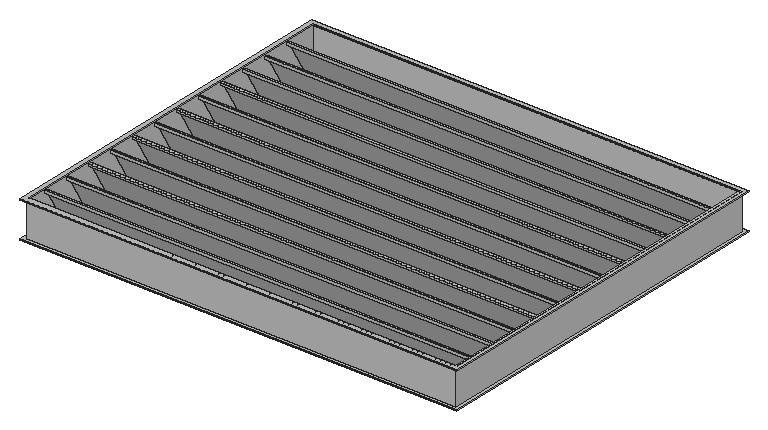
Revit family "Louver-Channel_Frame-Carnes-Rectangular-Drainable_Blade_FPCB", category Air Terminals, host Face, Revit 2012
Parameters (values of type "(See Type Catalog)")
  ecoScorecard_data = ""
  ecoScorecard Product Page = "http://ecoscorecard.com/"
  URL = "http://www.carnes.com/index.html"
  Subcategory = "Louvers and Dampers"
  Specifications  URL = "http://www.carnes.com/Louvers/pdf/17126.pdf"
  Product Page URL = "http://www.carnes.com/Louvers/FPCB-FTCB.htm"
  Product Line = "Extruded Aluminum Drainable Blade Louvers"
  Pressure Drop = 0.00 Pa
  Point of Water Penetration = 1250 FPM
  Outside Width = Louver Width Control + 3/4" * 2  # 73 1/2"
  Outside Height = Louver Height Control + 3/4" * 2  # 61 1/2"
  Model = "FPCB"
  Minimum Size = "12\"W x 12\"H"
  Meets Building Code Standards = "Licensed to bear the AMCA seal"
  Maximum Vertical Size = "84\"W x 120\"H"
  Maximum Size Note = "Drainable blade louvers should be limited to 10’ maximum section widths (no more than 10’ between vertical downspouts) to enable the drainable design to function"
  Maximum Horinzontal Size = "120\"W x 84\"H"
  Manufacturer = "Carnes Company"
  Louver Width Control = if(Louver Width < 12", 12", if(Louver Width > 120", 120", Louver Width))  # 72"
  Louver Height Control = if(Louver Height < 12", 12", if(Louver Height > 120", 120", Louver Height))  # 60"
  Free Area Note = "See Spec Sheet URL"
  Free Area = 0.00 SF
  Description = "Extruded Aluminum Drainable Blade Louvers"
  Connector Description 1 = "Duct Connetor"
  Blades Quantity [instance] = (Louver Height Control - (Blade Offset from Frame - 3/4")) / 4 5/8"  # 12
  Manufacturer Phone = "608-845-6411"
  Manufacturer Fax = "608-845-6470"
  Manufacturer Email = "mailto:carnes@carnes.com"
  Manufacturer Address = "448 S. Main St., P. O. Box 930040, Verona, WI 53593-0040"
  Louver Width = 72"
  Louver Length = 6.2"
  Louver Height = 60"
  Blades Length [instance] = Louver Length - 1/2"  # 5.7"
  Frame Material = Aluminum - Carnes - Extruded
  Default Elevation = 48"
  Cost Info = "mailto:carnes@carnes.com"
  Catalog URL = "http://www.carnes.com/Louvers/pdf/f26-27.pdf"
  Symbol Blades Quantity = Louver Width / 3"  # 24
  Blade Offset from Frame [instance] = 4 1/2"
  Blade Material = Aluminum - Carnes - Extruded
  Assembly Code = "D3090700"
  Airflow = 0 CFM
  95 CSI = "10200"
  04 CSI = "08 91 00"
Reference planes (in)
  plane 1 "Center (Elevation)": y = 0
  plane 2: z = 0
  plane 3 "Center (Left/Right)": x = 0
  plane 4 "Rear": z = -6.2
  plane 5: z = -0.125
  plane 6: z = -6.075
  plane 7: z = -3.1
  plane 8: x = -36
  plane 9: x = 36
  plane 10: x = -36.75
  plane 11: x = 36.75
  plane 12: y = 30
  plane 13: y = -30
  plane 14: y = 30.75
  plane 15: y = -30.75
  plane 16 "Blade CL": y = 26.25
Forms (in)
  Extrusion 1, solid, material "Aluminum - Carnes - Extruded" <- "Frame Material"
    sketch origin (0, 0, 0) x (1, 0, 0) y (0, 1, 0)
      loop
        line (-36.75, 30.75) -> (-36.75, -30.75) -> (36.75, -30.75) -> (36.75, 30.75) -> (-36.75, 30.75)
      loop
        line (-36, 30) -> (-36, -30) -> (36, -30) -> (36, 30) -> (-36, 30)
    from -0.125 to 0
  Extrusion 2, solid, material "Aluminum - Carnes - Extruded" <- "Frame Material"
    sketch origin (0, 0, 0) x (1, 0, 0) y (0, 1, 0)
      loop
        line (-36.75, 30.75) -> (-36.75, -30.75) -> (36.75, -30.75) -> (36.75, 30.75) -> (-36.75, 30.75)
      loop
        line (-36, 30) -> (-36, -30) -> (36, -30) -> (36, 30) -> (-36, 30)
    from -6.2 to -6.075
  Extrusion 3, solid, material "Aluminum - Carnes - Extruded" <- "Frame Material"
    sketch origin (0, 0, 0) x (1, 0, 0) y (0, 1, 0)
      loop
        line (-36, 30) -> (-36, -30) -> (36, -30) -> (36, 30) -> (-36, 30)
      loop
        line (-36.125, 30.125) -> (-36.125, -30.125) -> (36.125, -30.125) -> (36.125, 30.125) -> (-36.125, 30.125)
    from -6.075 to -0.125
Lines and regions (in)
  Masking region 1, detail levels coarse
    outline origin (0, 0, 0) x (1, 0, 0) y (0, 0, 1)
      loop
        line (36.75, 0) -> (-36.75, 0) -> (-36.75, -6.2) -> (36.75, -6.2) -> (36.75, 0)
  Masking region 2, detail levels medium+fine
    outline origin (0, 0, 0) x (1, 0, 0) y (0, 0, 1)
      loop
        line (36.75, 0) -> (-36.75, 0) -> (-36.75, -0.125) -> (-36.125, -0.125) -> (-36.125, -6.075) -> (-36.75, -6.075) -> (-36.75, -6.2) -> (36.75, -6.2) -> (36.75, -6.075) -> (36.125, -6.075) -> (36.125, -0.125) -> (36.75, -0.125) -> (36.75, 0)
  symbolic lines, detail levels fine
    curve 1: line (36.125, 0, -0.125) -> (-36.125, 0, -0.125)
    curve 2: line (36.125, 0, -6.075) -> (-36.125, 0, -6.075)
  symbolic lines, not visible
    curve 3: line (17.18252, 0, -14.33256) -> (17.62002, 0, -14.33256)
    curve 4: line (17.62002, 0, -14.33256) -> (20.84601, 0, -19.77006)
    curve 5: line (20.84601, 0, -19.77006) -> (21.28351, 0, -19.77006)
  symbolic lines
    curve 6: line (36, 0, -0.1875) -> (35.52861, 0, -0.1875)
    curve 7: line (32.3704, 0, -6.0125) -> (33.94951, 0, -3.1)
    curve 8: line (33.94951, 0, -3.1) -> (35.52861, 0, -0.1875)
    curve 9: line (33, 0, -0.1875) -> (32.52861, 0, -0.1875)
    curve 10: line (29.3704, 0, -6.0125) -> (30.94951, 0, -3.1)
    curve 11: line (30.94951, 0, -3.1) -> (32.52861, 0, -0.1875)
    curve 12: line (30, 0, -0.1875) -> (29.52861, 0, -0.1875)
    curve 13: line (26.3704, 0, -6.0125) -> (27.94951, 0, -3.1)
    curve 14: line (27.94951, 0, -3.1) -> (29.52861, 0, -0.1875)
    curve 15: line (27, 0, -0.1875) -> (26.52861, 0, -0.1875)
    curve 16: line (23.3704, 0, -6.0125) -> (24.94951, 0, -3.1)
    curve 17: line (24.94951, 0, -3.1) -> (26.52861, 0, -0.1875)
    curve 18: line (24, 0, -0.1875) -> (23.52861, 0, -0.1875)
    curve 19: line (20.3704, 0, -6.0125) -> (21.94951, 0, -3.1)
    curve 20: line (21.94951, 0, -3.1) -> (23.52861, 0, -0.1875)
    curve 21: line (21, 0, -0.1875) -> (20.52861, 0, -0.1875)
    curve 22: line (17.3704, 0, -6.0125) -> (18.94951, 0, -3.1)
    curve 23: line (18.94951, 0, -3.1) -> (20.52861, 0, -0.1875)
    curve 24: line (18, 0, -0.1875) -> (17.52861, 0, -0.1875)
    curve 25: line (14.3704, 0, -6.0125) -> (15.94951, 0, -3.1)
    curve 26: line (15.94951, 0, -3.1) -> (17.52861, 0, -0.1875)
    curve 27: line (15, 0, -0.1875) -> (14.52861, 0, -0.1875)
    curve 28: line (11.3704, 0, -6.0125) -> (12.94951, 0, -3.1)
    curve 29: line (12.94951, 0, -3.1) -> (14.52861, 0, -0.1875)
    curve 30: line (12, 0, -0.1875) -> (11.52861, 0, -0.1875)
    curve 31: line (8.3704, 0, -6.0125) -> (9.94951, 0, -3.1)
    curve 32: line (9.94951, 0, -3.1) -> (11.52861, 0, -0.1875)
    curve 33: line (9, 0, -0.1875) -> (8.52861, 0, -0.1875)
    curve 34: line (5.3704, 0, -6.0125) -> (6.94951, 0, -3.1)
    curve 35: line (6.94951, 0, -3.1) -> (8.52861, 0, -0.1875)
    curve 36: line (6, 0, -0.1875) -> (5.52861, 0, -0.1875)
    curve 37: line (2.3704, 0, -6.0125) -> (3.94951, 0, -3.1)
    curve 38: line (3.94951, 0, -3.1) -> (5.52861, 0, -0.1875)
    curve 39: line (3, 0, -0.1875) -> (2.52861, 0, -0.1875)
    curve 40: line (-0.6296, 0, -6.0125) -> (0.94951, 0, -3.1)
    curve 41: line (0.94951, 0, -3.1) -> (2.52861, 0, -0.1875)
    curve 42: line (0, 0, -0.1875) -> (-0.47139, 0, -0.1875)
    curve 43: line (-3.6296, 0, -6.0125) -> (-2.05049, 0, -3.1)
    curve 44: line (-2.05049, 0, -3.1) -> (-0.47139, 0, -0.1875)
    curve 45: line (-3, 0, -0.1875) -> (-3.47139, 0, -0.1875)
    curve 46: line (-6.6296, 0, -6.0125) -> (-5.05049, 0, -3.1)
    curve 47: line (-5.05049, 0, -3.1) -> (-3.47139, 0, -0.1875)
    curve 48: line (-6, 0, -0.1875) -> (-6.47139, 0, -0.1875)
    curve 49: line (-9.6296, 0, -6.0125) -> (-8.05049, 0, -3.1)
    curve 50: line (-8.05049, 0, -3.1) -> (-6.47139, 0, -0.1875)
    curve 51: line (-9, 0, -0.1875) -> (-9.47139, 0, -0.1875)
    curve 52: line (-12.6296, 0, -6.0125) -> (-11.05049, 0, -3.1)
    curve 53: line (-11.05049, 0, -3.1) -> (-9.47139, 0, -0.1875)
    curve 54: line (-12, 0, -0.1875) -> (-12.47139, 0, -0.1875)
    curve 55: line (-15.6296, 0, -6.0125) -> (-14.05049, 0, -3.1)
    curve 56: line (-14.05049, 0, -3.1) -> (-12.47139, 0, -0.1875)
    curve 57: line (-15, 0, -0.1875) -> (-15.47139, 0, -0.1875)
    curve 58: line (-18.6296, 0, -6.0125) -> (-17.05049, 0, -3.1)
    curve 59: line (-17.05049, 0, -3.1) -> (-15.47139, 0, -0.1875)
    curve 60: line (-18, 0, -0.1875) -> (-18.47139, 0, -0.1875)
    curve 61: line (-21.6296, 0, -6.0125) -> (-20.05049, 0, -3.1)
    curve 62: line (-20.05049, 0, -3.1) -> (-18.47139, 0, -0.1875)
    curve 63: line (-21, 0, -0.1875) -> (-21.47139, 0, -0.1875)
    curve 64: line (-24.6296, 0, -6.0125) -> (-23.05049, 0, -3.1)
    curve 65: line (-23.05049, 0, -3.1) -> (-21.47139, 0, -0.1875)
    curve 66: line (-24, 0, -0.1875) -> (-24.47139, 0, -0.1875)
    curve 67: line (-27.6296, 0, -6.0125) -> (-26.05049, 0, -3.1)
    curve 68: line (-26.05049, 0, -3.1) -> (-24.47139, 0, -0.1875)
    curve 69: line (-27, 0, -0.1875) -> (-27.47139, 0, -0.1875)
    curve 70: line (-30.6296, 0, -6.0125) -> (-29.05049, 0, -3.1)
    curve 71: line (-29.05049, 0, -3.1) -> (-27.47139, 0, -0.1875)
    curve 72: line (-30, 0, -0.1875) -> (-30.47139, 0, -0.1875)
    curve 73: line (-33.6296, 0, -6.0125) -> (-32.05049, 0, -3.1)
    curve 74: line (-32.05049, 0, -3.1) -> (-30.47139, 0, -0.1875)
    curve 75: line (-33, 0, -0.1875) -> (-33.47139, 0, -0.1875)
    curve 76: line (-36.6296, 0, -6.0125) -> (-35.05049, 0, -3.1)
    curve 77: line (-35.05049, 0, -3.1) -> (-33.47139, 0, -0.1875)
    curve 78: line (32.3704, 0, -6.0125) -> (31.8704, 0, -6.0125)
    curve 79: line (29.3704, 0, -6.0125) -> (28.8704, 0, -6.0125)
    curve 80: line (26.3704, 0, -6.0125) -> (25.8704, 0, -6.0125)
    curve 81: line (23.3704, 0, -6.0125) -> (22.8704, 0, -6.0125)
    curve 82: line (20.3704, 0, -6.0125) -> (19.8704, 0, -6.0125)
    curve 83: line (17.3704, 0, -6.0125) -> (16.8704, 0, -6.0125)
    curve 84: line (14.3704, 0, -6.0125) -> (13.8704, 0, -6.0125)
    curve 85: line (11.3704, 0, -6.0125) -> (10.8704, 0, -6.0125)
    curve 86: line (8.3704, 0, -6.0125) -> (7.8704, 0, -6.0125)
    curve 87: line (5.3704, 0, -6.0125) -> (4.8704, 0, -6.0125)
    curve 88: line (2.3704, 0, -6.0125) -> (1.8704, 0, -6.0125)
    curve 89: line (-0.6296, 0, -6.0125) -> (-1.1296, 0, -6.0125)
    curve 90: line (-3.6296, 0, -6.0125) -> (-4.1296, 0, -6.0125)
    curve 91: line (-6.6296, 0, -6.0125) -> (-7.1296, 0, -6.0125)
    curve 92: line (-9.6296, 0, -6.0125) -> (-10.1296, 0, -6.0125)
    curve 93: line (-12.6296, 0, -6.0125) -> (-13.1296, 0, -6.0125)
    curve 94: line (-15.6296, 0, -6.0125) -> (-16.1296, 0, -6.0125)
    curve 95: line (-18.6296, 0, -6.0125) -> (-19.1296, 0, -6.0125)
    curve 96: line (-21.6296, 0, -6.0125) -> (-22.1296, 0, -6.0125)
    curve 97: line (-24.6296, 0, -6.0125) -> (-25.1296, 0, -6.0125)
    curve 98: line (-27.6296, 0, -6.0125) -> (-28.1296, 0, -6.0125)
    curve 99: line (-30.6296, 0, -6.0125) -> (-31.1296, 0, -6.0125)
    curve 100: line (-33.6296, 0, -6.0125) -> (-34.1296, 0, -6.0125)
    curve 101: line (-36.6296, 0, -6.0125) -> (-37.1296, 0, -6.0125)
Dimensions and locks (in)
  equal spacing: plane 15, plane 1 "Center (Elevation)", plane 14
  locked: plane 2 to plane 5 at 0.125
  locked: plane 6 to plane 4 "Rear" at 0.125
  "Louver Length": plane 2 to plane 4 "Rear"
  equal spacing: plane 5, plane 7, plane 6
  "Blade Offset from Frame": plane 14 to plane 16 "Blade CL"
  equal spacing: group 1, group 2, group 3, group 4, group 5, group 6, group 7, group 8, group 9, group 10, group 11, group 12  (x2)
  equal spacing: group 12, group 11, group 10, group 9, group 8, group 7, group 6, group 5, group 4, group 3, group 2, group 1
  locked: nested 1 to nested 2 at 4.64
  "Outside Height": plane 14 to plane 15
  equal spacing: plane 8, plane 3 "Center (Left/Right)", plane 9
  "Louver Width": plane 8 to plane 9
  equal spacing: plane 10, plane 3 "Center (Left/Right)", plane 11
  "Outside Width": plane 10 to plane 11
  equal spacing: plane 13, plane 1 "Center (Elevation)", plane 12
  "Louver Height": plane 13 to plane 12
  locked: curve 6 to plane 5 at 0.0625
  equal spacing: group 37, group 36, group 35, group 34, group 33, group 32, group 31, group 30, group 29, group 28, group 27, group 26, group 25, group 24, group 23, group 22, group 21, group 20, group 19, group 18, group 17, group 16, group 15, group 14
  equal spacing: group 14, group 15, group 16, group 17, group 18, group 19, group 20, group 21, group 22, group 23, group 24, group 25, group 26, group 27, group 28, group 29, group 30, group 31, group 32, group 33, group 34, group 35, group 36, group 37  (x2)
  locked: curve 54 to plane 5 at 0.0625
  locked: curve 8 to curve 11 at 3
  locked: plane 6 to curve 78 at 0.0625
  locked: curve 78 to plane 9 at 4.1296
  aligned and locked: plane 2 to host face
  aligned and locked: host face to level
  aligned and locked: plane 10 to Extrusion 1 sketch curve
  aligned and locked: Extrusion 1 sketch curve to plane 14
  aligned and locked: plane 15 to Extrusion 1 sketch curve
  aligned and locked: plane 11 to Extrusion 1 sketch curve
  aligned and locked: plane 8 to Extrusion 1 sketch curve
  aligned and locked: Extrusion 1 sketch curve to plane 12
  aligned and locked: plane 13 to Extrusion 1 sketch curve
  aligned and locked: plane 9 to Extrusion 1 sketch curve
  aligned and locked: Extrusion 1 to plane 5
  aligned and locked: plane 2 to Extrusion 1
  aligned and locked: Extrusion 2 sketch curve to Extrusion 1  (x6)
  aligned and locked: Extrusion 1 to Extrusion 2 sketch curve  (x2)
  aligned and locked: plane 6 to Extrusion 2
  aligned and locked: Extrusion 2 to plane 4 "Rear"
  aligned and locked: plane 8 to Extrusion 3 sketch curve
  aligned and locked: Extrusion 3 sketch curve to Extrusion 1  (x3)
  aligned and locked: plane 5 to Extrusion 3
  aligned and locked: Extrusion 3 to plane 6
  aligned and locked: plane 7 to nested 1
  aligned and locked: nested 1 to plane 16 "Blade CL"
  aligned and locked: plane 11 to Masking region 1 sketch curve
  aligned and locked: Masking region 1 sketch curve to plane 2
  aligned and locked: plane 4 "Rear" to Masking region 1 sketch curve
  aligned and locked: plane 10 to Masking region 1 sketch curve
  aligned and locked: Masking region 2 sketch curve to level
  aligned and locked: Masking region 2 sketch curve to plane 11  (x2)
  aligned and locked: plane 5 to Masking region 2 sketch curve  (x2)
  aligned and locked: Masking region 2 sketch curve to Extrusion 3  (x2)
  aligned and locked: plane 6 to Masking region 2 sketch curve  (x2)
  aligned and locked: plane 4 "Rear" to Masking region 2 sketch curve
  aligned and locked: Masking region 2 sketch curve to plane 10  (x2)
  aligned and locked: Extrusion 3 to curve 1  (x2)
  aligned and locked: curve 1 to plane 5
  aligned and locked: Extrusion 3 to curve 2  (x2)
  aligned and locked: curve 2 to plane 6
Automatic sketch dimensions
  Extrusion 3 sketch curve to plane 8 = 1/8"
  Extrusion 3 sketch curve to plane 9 = 1/8"
  plane 13 to Extrusion 3 sketch curve = 1/8"
  plane 12 to Extrusion 3 sketch curve = 1/8"
  host sketch curve to host sketch curve = 122.28147"
  host sketch curve to host sketch curve = 173.35151"
  curve 7 to curve 8 = 3.31304"  (x4)
  curve 6 to curve 6 = 0.47139"
  curve 78 to curve 78 = 1/2"
  curve 79 to curve 79 = 1/2"
  curve 80 to curve 80 = 1/2"
  curve 81 to curve 81 = 1/2"
  curve 82 to curve 82 = 1/2"
  curve 83 to curve 83 = 1/2"
  curve 84 to curve 84 = 1/2"
  curve 85 to curve 85 = 1/2"
  curve 86 to curve 86 = 1/2"
  curve 87 to curve 87 = 1/2"
  curve 88 to curve 88 = 1/2"
  curve 89 to curve 89 = 1/2"
  curve 90 to curve 90 = 1/2"
  curve 91 to curve 91 = 1/2"
  curve 92 to curve 92 = 1/2"
  curve 93 to curve 93 = 1/2"
  curve 94 to curve 94 = 1/2"
  curve 95 to curve 95 = 1/2"
  curve 96 to curve 96 = 1/2"
  curve 97 to curve 97 = 1/2"
  curve 98 to curve 98 = 1/2"
  curve 99 to curve 99 = 1/2"
  curve 100 to curve 100 = 1/2"
  curve 101 to curve 101 = 1/2"
Nested families (in)
  nested 1: "Louver_Blade-Carnes" at (0, 26.25, -3.1), type "Standard"
    with Width 72", Length 5.7"
  nested 2: "Louver_Blade-Carnes" at (0, 21.61, -3.09583), type "Standard"
    with Width 72", Length 5.7"
  nested 3: "Louver_Blade-Carnes" at (0, 16.97, -3.09167), type "Standard"
    with Width 72", Length 5.7"
  nested 4: "Louver_Blade-Carnes" at (0, 12.33, -3.0875), type "Standard"
    with Width 72", Length 5.7"
  nested 5: "Louver_Blade-Carnes" at (0, 7.69, -3.08333), type "Standard"
    with Width 72", Length 5.7"
  nested 6: "Louver_Blade-Carnes" at (0, 3.05, -3.07917), type "Standard"
    with Width 72", Length 5.7"
  nested 7: "Louver_Blade-Carnes" at (0, -1.59, -3.075), type "Standard"
    with Width 72", Length 5.7"
  nested 8: "Louver_Blade-Carnes" at (0, -6.23, -3.07083), type "Standard"
    with Width 72", Length 5.7"
  nested 9: "Louver_Blade-Carnes" at (0, -10.87, -3.06667), type "Standard"
    with Width 72", Length 5.7"
  nested 10: "Louver_Blade-Carnes" at (0, -15.51, -3.0625), type "Standard"
    with Width 72", Length 5.7"
  nested 11: "Louver_Blade-Carnes" at (0, -20.15, -3.05833), type "Standard"
    with Width 72", Length 5.7"
  nested 12: "Louver_Blade-Carnes" at (0, -24.79, -3.05417), type "Standard"
    with Width 72", Length 5.7"
Connectors (in)
  hvac at (0, 0, -6.2), driven by "Louver Height Control", driven by "Louver Width Control", driven by "Connector Description 1", driven by "Airflow", driven by "Pressure Drop"
    settings: on Extrusion 2, index 1, duct flow 0 CFM, flow factor 0, pres drop 0.00 Pa, loss coef 0, conn angle 0.00°, conn width 72", conn height 60", conn radius 12", duct sys type 29, conn prof type 1, flow config 0, flow direction 0, loss method 4, conn ref index -1, conn util no, is conn primary yes, conn desc "Duct Connetor"
Definition of nested family "Louver_Blade-Carnes"
  Parameters (values of type "Standard")
    Width = 12"
    Blade Material = none
    Length = 5 1/2"
    Assembly Code = ""
  Reference planes (in)
    plane 1 "Center (Front/Back)": y = 0
    plane 2: z = 0
    plane 3 "Center (Left/Right)": x = 0
    plane 4: y = 2
    plane 5: y = -2
    plane 6: z = 2.75
    plane 7: z = -2.75
    plane 8: x = -6
    plane 9: x = 6
  Forms (in)
    Sweep 1, solid, material <- "Blade Material"
      path origin (0, 0, 0) x (1, 0, 0) y (0, 1, 0)
        loop
          line (-6, 0) -> (6, 0)
      profile origin (0, 0, 0) x (0, 1, 0) y (0, 0, 1)
        loop
          line (-2, 2.75) -> (-2, 2.34375) -> (-1.9375, 2.34375) -> (-1.9375, 2.6875) -> (-1.60161, 2.6875) -> (-0.00915, 0.00388) -> (1.625, -2.75) -> (2, -2.75) -> (2, -2.34375) -> (1.9375, -2.34375) -> (1.9375, -2.6875) -> (1.66411, -2.6875) -> (0.10505, -0.06016) -> (-1.5625, 2.75) -> (-2, 2.75)
  Dimensions and locks (in)
    equal spacing: plane 4, plane 1 "Center (Front/Back)", plane 5
    locked: plane 4 to plane 5 at 4
    equal spacing: plane 7, plane 2, plane 6
    "Length": plane 7 to plane 6
    equal spacing: plane 8, plane 3 "Center (Left/Right)", plane 9
    "Width": plane 8 to plane 9
    locked: Sweep 1 sketch curve to Sweep 1 sketch curve at 0.0625  (x4)
    locked: Sweep 1 sketch curve to Sweep 1 sketch curve at 0.375
    locked: Sweep 1 sketch curve to Sweep 1 sketch curve at 0.4375
    locked: Sweep 1 sketch curve to Sweep 1 sketch curve at 0.06553  (x2)
    aligned and locked: plane 1 "Center (Front/Back)" to Sweep 1 sketch curve
    aligned and locked: plane 8 to Sweep 1 sketch curve
    aligned and locked: plane 9 to Sweep 1 sketch curve
    aligned and locked: plane 7 to Sweep 1 sketch curve
    aligned and locked: plane 4 to Sweep 1 sketch curve
    aligned and locked: plane 6 to Sweep 1 sketch curve
    aligned and locked: plane 5 to Sweep 1 sketch curve
    aligned and locked: Sweep 1 sketch curve to Sweep 1 sketch curve  (x2)
  Automatic sketch dimensions
    Sweep 1 sketch curve to Sweep 1 sketch curve = 11/32"  (x2)
    profile plane to Sweep 1 sketch curve = 0.00915"
    Sweep 1 sketch curve to profile plane = 0.10505"
